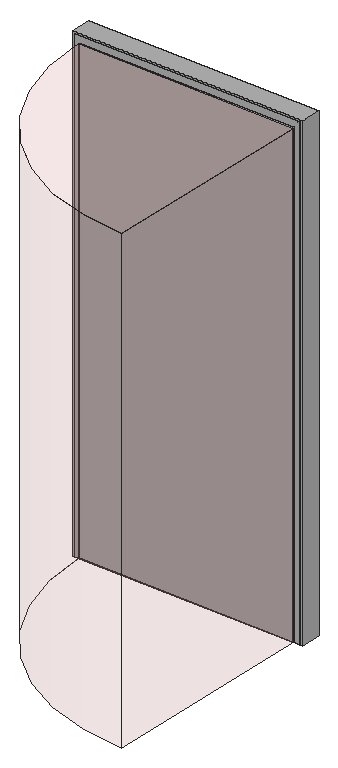
Revit family "ASSA ABLOY - ALPE Sp 30-1, single-leaf, block frame", category Doors, host Wall, Revit 2021
Family settings
  Host = Wall
  OmniClass Number = 23.30.10.00
  OmniClass Title = Doors
  Always vertical = Yes
  Cut with Voids When Loaded = No
  Shared = No
  Room Calculation Point = No
Parameters (values of type "900 x 2100 (909 x 2106)")
  URL = "https://www.assaabloy.com/pl/pl"
  Type Comments = "Door leaf made of two pressed galvanised steel sheets 1,25mm thick. Filled with mineral wool glued to the sheets with polyurethane adhesive. Door with 3-sided thin rebate."
  Symbol Radius = Door Leaf Width + 9.500 mm  # 994.200 mm
  Rough Width Real = Width Round + Rough Width Conversion + Rough Width Adjustment  # 1061.500 mm
  Rough Width Conversion = 161.500 mm  # constant formula
  Rough Width Adjustment = 0.000 mm  # constant formula
  Rough Height Real = Height Round + Rough Height Conversion + Rough Height Adjustment  # 2174.000 mm
  Rough Height Conversion = 74.000 mm  # constant formula
  Rough Height Adjustment = 0.000 mm  # constant formula
  Resset Value [instance] = 80.000 mm
  Opening Zone [instance] = yes
  Model = "Doorset_Steel door  NFR or EI30/ Access control_ASSA ABLOY Opening Solutions_Hardware 3D"
  Hinges Material = Default steel
  HW Item 9 = "1x Inoxi 3-19K/0421 PZPZ: single U-shape handle on round rosette, class 3 (EN1906), stainless steel; rosette set PZPZ_ABLOY"
  HW Item 8 = "1x PBE011: panic device (EN1125), type A (crossbar)_ABLOY"
  HW Item 12 = "1x 206253: Vercy door stopper, max 120 kg_ASSA ABLOY (option)"
  HW Item 11 = "1x Incedo: Access Control Set_ASSA ABLOY (option)"
  HW Item 10 = "1x HID SIGNO 20: card reader_HID"
  Frame Finish [instance] = ""
  Fire Rating NFR (0) = [Fire Rating - Set Value] = 1  # no
  Fire Rating EI30 (1) = [Fire Rating - Set Value] = 0  # yes
  Fire Rating - Set Value = 0
  Fire Rating = if([Fire Rating NFR (0)], "NFR", if([Fire Rating EI30 (1)], "EI30", "0"))  # "EI30"
  Width Round = roundup((Width / 5.000 mm)) * 5.000 mm  # 900.000 mm
  Thickness = 54.000 mm  # constant formula
  Smoke Rating = "Sa, S200 (optional)"
  Rough Width = Width Round + Rough Width Conversion + Rough Width Adjustment + 8.500 mm  # 1070.000 mm
  Rough Height = Height Round + Rough Height Conversion + Rough Height Adjustment + 6.000 mm  # 2180.000 mm
  Readme = "The actual lintel height is consistent with the Rough Height parameter.\r\nThe final HW Set should be consistent with the function of the door and its  parameters.\r\nHardware mounted on door surface may affect the clear passage opening. For verification, please contact the specification department.\r\nIf you would like to change panic device to another one, please contact the specification team to verify opening and new solution compatibility."
  Provider = "ASSA ABLOY Opening Solutions"
  Product Group = "Single-Steel-Access control"
  Name = "Steel door NFR or EI30/ Access control"
  Min Door Width = 280.000 mm
  Min Door Height = 700.000 mm
  Mechanical Strength = 4
  Max Door Width = 1230.000 mm
  Max Door Height = 2500.000 mm
  Manufacturer = "ASSA ABLOY"  # constant formula
  IfcExportType = "USERDEFINED"
  IfcExportAs = "IfcDoorType"
  Height Round = roundup((Height / 5.000 mm)) * 5.000 mm  # 2100.000 mm
  Hardware Set = "2.8PL"
  HW Item 7 = "1x SK6 Radius: euro profile cylinder_IKON"
  HW Item 6 = "1x EA219: cable 10m"
  HW Item 5 = "1x EA280/ EA281: lead cover"
  HW Item 4 = "1x EL560: handle controlled, electromechanical mortice lockcase with automatic dead locking system_ABLOY"
  HW Item 3 = "1x A153: mechanical opening damper_ASSA ABLOY (option)"
  HW Item 2 = "1x G195: door closer guide rail_ASSA ABLOY"
  HW Item 1 = "1x DC700/ DC500: door closer, Cam-Motion®_ASSA ABLOY"
  Function = Interior
  Height = 2100.000 mm
  Wall Closure = By host
  Width = 900.000 mm
  Frame Type = "Welded steel block frame, made of galvanised sheet 1,5mm thick."
  Frame Material = Default steel
  Family name = "2.8_DOORSET_ALPE Sp 30-1_SINGLE-LEAF_BLOCK FRAME_ASSA ABLOY PL"
  Environmental Product Declaration (EPD) = "To be confirmed with Provider"  # constant formula
  Environmental Management System = "To be confirmed with Provider"  # constant formula
  Edition number = "1"
  Door Type = "ALPE Sp 30-1"
  Door Material = Default steel
  Door Leaf Width = Width Round + Rough Width Adjustment + 84.700 mm  # 984.700 mm
  Door Finish Push Side [instance] = ""
  Door Finish Pull Side [instance] = ""
  Description = "ALPE Sp 30-1, door leaf made of two pressed galvanised steel sheets 1,25mm thick. Filled with mineral wool glued to the sheets with polyurethane adhesive. Door with 3-sided thin rebate. Stainless steel hinges with 3D regulation. Mechanical durability – class C5 according to PN-EN 16034:2014. Mechanical strength – class 4 according to PN-EN 1192:2001. Welded steel block frame, made of galvanised sheet 1,5mm thick."
  Date of publishing = ""
  Contact Provider = "https://www.assaabloy.com/pl/pl/solutions/topics/bim-specification/contact"
  Brand = "ASSA ABLOY Mercor Doors Sp. z o. o."  # constant formula
  Author = "www.archispace.pl"
Types (7, lengths in mm): name | Symbol Radius | Rough Width Real | Rough Height Real | Width Round | Rough Width | Rough Height | Height Round | Height | Width | Door Leaf Width
  800 x 2100 (809 x 2106) | 894.200 | 961.500 | 2174.000 | 800.000 | 970.000 | 2180.000 | 2100.000 | 2100.000 | 800.000 | 884.700
  900 x 2100 (909 x 2106) | 994.200 | 1061.500 | 2174.000 | 900.000 | 1070.000 | 2180.000 | 2100.000 | 2100.000 | 900.000 | 984.700
  1000 x 2100 (1009 x 2106) | 1094.200 | 1161.500 | 2174.000 | 1000.000 | 1170.000 | 2180.000 | 2100.000 | 2100.000 | 1000.000 | 1084.700
  1100 x 2100 (1109 x 2106) | 1194.200 | 1261.500 | 2174.000 | 1100.000 | 1270.000 | 2180.000 | 2100.000 | 2100.000 | 1100.000 | 1184.700
  1200 x 2100 (1209 x 2106) | 1294.200 | 1361.500 | 2174.000 | 1200.000 | 1370.000 | 2180.000 | 2100.000 | 2100.000 | 1200.000 | 1284.700
  1230 x 2500 (1239 x 2506) | 1324.200 | 1391.500 | 2574.000 | 1230.000 | 1400.000 | 2580.000 | 2500.000 | 2500.000 | 1230.000 | 1314.700
  280 x 700 (289 x 706) | 374.200 | 441.500 | 774.000 | 280.000 | 450.000 | 780.000 | 700.000 | 700.000 | 280.000 | 364.700
Reference planes
  plane 1: y = 0
  plane 2 "Center (Left/Right)": x = 0
  plane 3: z = 2180
  plane 4 "Exterior": y = 120
  plane 5 "Interior": y = -120
  plane 6: x = -530.75
  plane 7: x = 530.75
  plane 8: z = 2100
  plane 9: y = 29
  plane 10: y = 15
  plane 11: y = 57.5
  plane 12: y = 60
  plane 13: y = -129
  plane 14: x = -473.35
  plane 15: x = 473.35
  plane 16: z = 2156.6
  plane 17: z = 5
  plane 18: y = -48
  plane 19: x = 501.85
  plane 20: x = -535
  plane 21: x = 535
  plane 22: x = -456.75
  plane 23: x = 456.75
  plane 24: z = 2174
  plane 25: y = -40
  plane 26: x = -471.75
  plane 27: y = -58.181
  plane 28: z = 1055
  plane 29: z = 985
  plane 30: z = 2183
Forms (mm)
  Sweep 1, solid, material "Default steel" <- "Frame Material"
    path origin (0, -120, 0) x (1, 0, 0) y (0, 0, 1)
      loop
        line (-530.75, 0) -> (-530.75, 2174) -> (530.75, 2174) -> (530.75, 0)
    profile origin (-530.75, -120, 1087) x (-1, 0, 0) y (0, -1, 0)
      loop
        line (-10, -80) -> (-52, -80) -> (-52, -149) -> (-59, -149) -> (-59, -135) -> (-74, -135) -> (-74, -180) -> (-10, -180) -> (-10, -177.5) -> (0, -177.5) -> (0, -82.5) -> (-10, -82.5) -> (-10, -80)
  Sweep 2, solid, material "Default steel" <- "Door Material"
    path origin (-5000, -120, 0) x (1, 0, 0) y (0, 0, 1)
      loop
        line (4526.65, 5) -> (4526.65, 2116.6) -> (5473.35, 2116.6) -> (5473.35, 5)
    profile origin (0, -120, 2116.6) x (0, 0, 1) y (0, -1, 0)
      loop
        line (0, -79) -> (19, -79) -> (19, -76.6) -> (0, -76.6) -> (0, -79)
  Sweep 3, solid, material "Default steel" <- "Door Material"
    path origin (-5000, -120, 0) x (1, 0, 0) y (0, 0, 1)
      loop
        line (5000, 5) -> (5000, 2116.6)
    profile origin (0, -120, 1060.8) x (-1, 0, 0) y (0, -1, 0)
      loop
        line (473.35, -130.6) -> (473.35, -76.6) -> (-473.35, -76.6) -> (-473.35, -130.6) -> (473.35, -130.6)
  Sweep 4, solid, material "Opening zone", visible <- "Opening Zone"
    path origin (-4946, 0, 0) x (-1, 0, 0) y (0, 0, 1)
      loop
        line (-5000, 5) -> (-5000, 2135.6)
    profile origin (54, 0, 1070.3) x (1, 0, 0) y (0, 1, 0)
      loop
        line (447.85, -48) -> (-546.35, -48)
        arc (-546.35, -48) -> (-255.156, -751.006) -> (447.85, -1042.2) r 994.2
        line (447.85, -1042.2) -> (447.85, -48)
Cuts and joins
  joined: Sweep 2, Sweep 3
Lines and regions (mm)
  Masking region 1, detail levels fine
    outline origin (-1177.682, -300, 2052) x (-1, 0, 0) y (0, -1, 0)
      loop
        line (-720.932, -315) -> (-720.932, -360) -> (-656.932, -360) -> (-656.932, -357.5) -> (-646.932, -357.5) -> (-646.932, -262.5) -> (-656.932, -262.5) -> (-656.932, -260) -> (-698.932, -260) -> (-698.932, -329) -> (-705.932, -329) -> (-705.932, -315) -> (-720.932, -315)
      loop
        line (-1634.432, -315) -> (-1649.432, -315) -> (-1649.432, -329) -> (-1656.432, -329) -> (-1656.432, -260) -> (-1698.432, -260) -> (-1698.432, -262.5) -> (-1708.432, -262.5) -> (-1708.432, -357.5) -> (-1698.432, -357.5) -> (-1698.432, -360) -> (-1634.432, -360) -> (-1634.432, -315)
  Masking region 2, detail levels medium
    outline origin (-1132.682, -300, 2052) x (-1, 0, 0) y (0, -1, 0)
      loop
        line (-601.932, -360) -> (-601.932, -260) -> (-675.932, -260) -> (-675.932, -360) -> (-601.932, -360)
      loop
        line (-1663.432, -360) -> (-1589.432, -360) -> (-1589.432, -260) -> (-1663.432, -260) -> (-1663.432, -360)
  Masking region 3, detail levels fine
    outline origin (-1132.682, -300, 2052) x (-1, 0, 0) y (0, -1, 0)
      loop
        circle (-1634.532, -252) r 9.5
  Opening 1
    outline origin (-5000, -120, 0) x (1, 0, 0) y (0, 0, 1)
      loop
        line (4465, 2180) -> (4465, 0) -> (5535, 0) -> (5535, 2180) -> (4465, 2180)
  symbolic lines, style "Elevation Swing"
    curve 1: line (-456.75, -120, 1090) -> (456.75, -120, 2100)
    curve 2: line (-456.75, -120, 1090) -> (456.75, -120, 5)
Text (mm)
  text "Exterior" at (-1376.75, 1099.543, 0), in view "Ref. Level"
  text "Exterior" at (0, 1615.38, 3698.081), in view "Left"
  text "Exterior" at (0, 1036.032, 3874.932), in view "Right"
Dimensions and locks
  "Rough Height": plane 3 to host wall
  equal spacing: host wall, curve 2, plane 3
  host wall to plane 3 = 2180.000 mm
  locked: plane 4 "Exterior" to host wall
  locked: plane 5 "Interior" to host wall
  equal spacing: plane 6, plane 2 "Center (Left/Right)", plane 7
  "Rough Width Real": plane 6 to plane 7
  "Height": plane 8 to level
  locked: plane 13 to plane 5 "Interior" at 9
  locked: plane 9 to plane 10 at 14
  locked: plane 15 to plane 7 at 57.4
  locked: plane 17 to level at 5
  equal spacing: plane 21, plane 2 "Center (Left/Right)", plane 20
  "Rough Width": plane 21 to plane 20
  locked: plane 6 to plane 14 at 57.4
  locked: plane 6 to plane 22 at 74
  locked: plane 23 to plane 7 at 74
  "Rough Height Real": plane 24 to level
  locked: plane 24 to plane 16 at 17.4
  plane 22 to nested 1 = 900.000 mm
  plane 24 to level = 2174.000 mm
  locked: Sweep 2 sketch curve to Sweep 2 sketch curve at 19
  "Resset Value": plane 5 "Interior" to plane 25
  locked: plane 12 to plane 25 at 100
  locked: plane 12 to plane 11 at 2.5
  locked: plane 26 to plane 22 at 15
  locked: plane 6 to Masking region 1 sketch curve at 10
  locked: plane 6 to Masking region 1 sketch curve at 52
  locked: profile plane to Sweep 1 sketch curve at 10
  locked: plane 12 to plane 9 at 31
  Sweep 1 to plane 7 = 52.000 mm
  plane 23 to Masking region 1 sketch curve = 15.000 mm
  locked: Masking region 1 sketch curve to plane 7 at 10
  locked: plane 19 to plane 7 at 28.9
  locked: plane 25 to plane 18 at 8
  locked: nested 1 to plane 19 at 4.6
  locked: plane 10 to Sweep 3 sketch curve at 4.4
  Sweep 3 sketch curve to Sweep 3 sketch curve = 54.000 mm
  locked: plane 25 to Sweep 2 sketch curve at 1
  locked: Sweep 2 sketch curve to Sweep 2 sketch curve at 2.4
  locked: Sweep 2 sketch curve to plane 8 at 16.6
  locked: plane 16 to Sweep 2 sketch curve at 21
  locked: plane 28 to plane 17 at 1050
  locked: plane 28 to plane 29 at 70
  locked: plane 30 to plane 3 at 3
  locked: Masking region 1 sketch curve to Masking region 1 sketch curve at 2.5  (x2)
  locked: plane 25 to Sweep 3 sketch curve at 3.4
  locked: Masking region 1 sketch curve to Masking region 1 sketch curve at 52
  locked: plane 18 to nested 1 at 9.5
  locked: Sweep 3 sketch curve to plane 8 at 16.6
  "Symbol Radius": radius of Sweep 4 sketch curve
  aligned and locked: plane 1 to host wall
  aligned and locked: level to Sweep 1 sketch curve  (x2)
  aligned and locked: Sweep 1 sketch curve to plane 6
  aligned and locked: plane 7 to Sweep 1 sketch curve
  aligned and locked: plane 2 "Center (Left/Right)" to Sweep 3 sketch curve
  aligned and locked: Masking region 2 sketch curve to plane 6
  aligned and locked: Masking region 2 sketch curve to plane 7
  aligned and locked: plane 10 to Masking region 1 sketch curve
  aligned and locked: plane 9 to Masking region 1 sketch curve
  aligned and locked: plane 11 to Masking region 1 sketch curve
  aligned and locked: plane 12 to Masking region 1 sketch curve
  aligned and locked: Masking region 1 sketch curve to plane 10
  aligned and locked: Masking region 1 sketch curve to plane 9
  aligned and locked: Masking region 1 sketch curve to plane 11
  aligned and locked: Masking region 1 sketch curve to plane 12
  aligned and locked: Sweep 1 sketch curve to plane 10
  aligned and locked: Sweep 1 sketch curve to plane 9
  aligned and locked: plane 11 to Sweep 1 sketch curve
  aligned and locked: plane 12 to Sweep 1 sketch curve
  aligned and locked: Masking region 2 sketch curve to plane 12
  aligned and locked: plane 12 to Masking region 2 sketch curve
  aligned and locked: plane 14 to Sweep 2 sketch curve
  aligned and locked: plane 15 to Sweep 2 sketch curve
  aligned and locked: plane 15 to Sweep 3 sketch curve
  aligned and locked: plane 14 to Sweep 3 sketch curve
  aligned and locked: plane 18 to Masking region 3 sketch curve
  aligned and locked: plane 19 to Masking region 3 sketch curve
  aligned and locked: level to Opening 1 sketch curve
  aligned and locked: plane 3 to Opening 1 sketch curve
  aligned and locked: plane 20 to Opening 1 sketch curve
  aligned and locked: Opening 1 sketch curve to plane 21
  aligned and locked: Sweep 1 sketch curve to plane 24
  aligned and locked: plane 17 to Sweep 2 sketch curve  (x2)
  aligned and locked: plane 17 to Sweep 4 sketch curve
  aligned and locked: plane 23 to curve 2
  aligned and locked: plane 17 to curve 2
  aligned and locked: plane 23 to curve 1
  aligned and locked: plane 8 to curve 1
  aligned and locked: plane 22 to curve 1
  aligned and locked: Masking region 1 sketch curve to plane 22
  aligned and locked: Masking region 1 sketch curve to plane 23
  aligned and locked: Sweep 1 sketch curve to plane 22
  aligned and locked: Sweep 4 sketch curve to plane 19
  aligned and locked: plane 18 to Sweep 4 sketch curve
  aligned and locked: cut or joined group of Sweep 2, Sweep 3 to Sweep 4 sketch curve
  aligned and locked: plane 26 to Masking region 1 sketch curve
  aligned and locked: plane 25 to Masking region 1 sketch curve
  aligned and locked: Sweep 1 sketch curve to plane 26
  aligned and locked: Sweep 1 sketch curve to plane 25
  aligned and locked: Masking region 1 sketch curve to plane 25
  aligned and locked: plane 25 to Masking region 2 sketch curve
  aligned and locked: plane 23 to Masking region 2 sketch curve
  aligned and locked: Masking region 2 sketch curve to plane 25
  aligned and locked: Masking region 1 sketch curve to Sweep 1  (x2)
  aligned and locked: plane 22 to Masking region 2 sketch curve
  aligned and locked: plane 17 to Sweep 3 sketch curve
  aligned and locked: Sweep 1 sketch curve to Sweep 1 sketch curve
Automatic sketch dimensions
  plane 2 "Center (Left/Right)" to Sweep 4 sketch curve = 54.000 mm
  Masking region 1 sketch curve to plane 7 = 0.000 mm
  Masking region 1 sketch curve to plane 6 = 0.000 mm
  Sweep 1 sketch curve to Sweep 1 sketch curve = 7.000 mm
  Sweep 1 sketch curve to Sweep 1 sketch curve = 2.500 mm
  Sweep 1 sketch curve to profile plane = 0.000 mm
  radius of Masking region 3 sketch curve = 9.500 mm
Nested families
  nested 1: "Detail_Door symbol" at (-39.9, -40, 2052), type "Detail_Door symbol"
Definition of nested family "Detail_Door symbol"
  Parameters (values of type "Detail_Door symbol")
    Symbol Radius = Door Leaf Width + 9.500 mm  # 910.200 mm
    Rough Width = 961.500 mm
    Door Leaf Width = 900.700 mm
  Reference planes
    plane 1 "Center (Front/Back)": y = 0
    plane 2: z = 0
    plane 3 "Center (Left/Right)": x = 0
    plane 4: x = -480.75
    plane 5: x = 480.75
    plane 6: y = -8
    plane 7: x = 491.75
    plane 8: x = 484.75
    plane 9: x = 487.15
    plane 10: x = 433.15
    plane 11: y = -17.5
    plane 12: y = -36.5
    plane 13: y = -918.2
    plane 14: y = -899.2
  Lines and regions (mm)
    Filled region 1, type "Solid Fill - White", in view "Ref. Level", detail levels fine
      outline origin (-28.5, 43.059, 0) x (0, 1, 0) y (-1, 0, 0)
        loop
          line (-60.559, -515.65) -> (-60.559, -513.25) -> (-79.559, -513.25) -> (-79.559, -461.65) -> (-942.259, -461.65) -> (-942.259, -513.25) -> (-961.259, -513.25) -> (-961.259, -515.65) -> (-60.559, -515.65)
    Filled region 2, type "Solid Fill - White", in view "Ref. Level", detail levels medium
      outline origin (-28.5, 43.059, 0) x (0, 1, 0) y (-1, 0, 0)
        loop
          line (-60.559, -515.65) -> (-60.559, -461.65) -> (-961.259, -461.65) -> (-961.259, -515.65) -> (-60.559, -515.65)
    detail lines, in view "Ref. Level"
      curve 1: arc (491.75, -918.2, 0) -> (-151.859, -651.609, 0) -> (-418.45, -8, 0) r 910.2
    detail lines, in view "Ref. Level", detail levels coarse
      curve 2: line (491.75, -918.2, 0) -> (491.75, -8, 0)
  Dimensions and locks
    equal spacing: plane 4, plane 3 "Center (Left/Right)", plane 5
    "Rough Width": plane 4 to plane 5
    locked: plane 5 to plane 7 at 11
    locked: plane 6 to plane 1 "Center (Front/Back)" at 8
    locked: plane 5 to plane 8 at 4
    locked: plane 5 to plane 9 at 6.4
    locked: plane 10 to plane 9 at 54
    locked: plane 11 to plane 1 "Center (Front/Back)" at 17.5
    locked: plane 11 to plane 12 at 19
    "Door Leaf Width": plane 11 to plane 13
    locked: plane 14 to plane 13 at 19
    "Symbol Radius": radius of curve 1
    aligned and locked: plane 7 to curve 1
    aligned and locked: Filled region 1 sketch curve to plane 9
    aligned and locked: plane 11 to Filled region 1 sketch curve
    aligned and locked: plane 8 to Filled region 1 sketch curve  (x2)
    aligned and locked: plane 12 to Filled region 1 sketch curve
    aligned and locked: Filled region 1 sketch curve to plane 10
    aligned and locked: Filled region 1 sketch curve to plane 13
    aligned and locked: Filled region 1 sketch curve to plane 14
    aligned and locked: plane 11 to Filled region 2 sketch curve
    aligned and locked: Filled region 2 sketch curve to plane 9
    aligned and locked: Filled region 2 sketch curve to plane 10
    aligned and locked: Filled region 2 sketch curve to plane 13
    aligned and locked: plane 6 to curve 2
    aligned and locked: curve 2 to plane 7
    aligned and locked: plane 6 to curve 1
